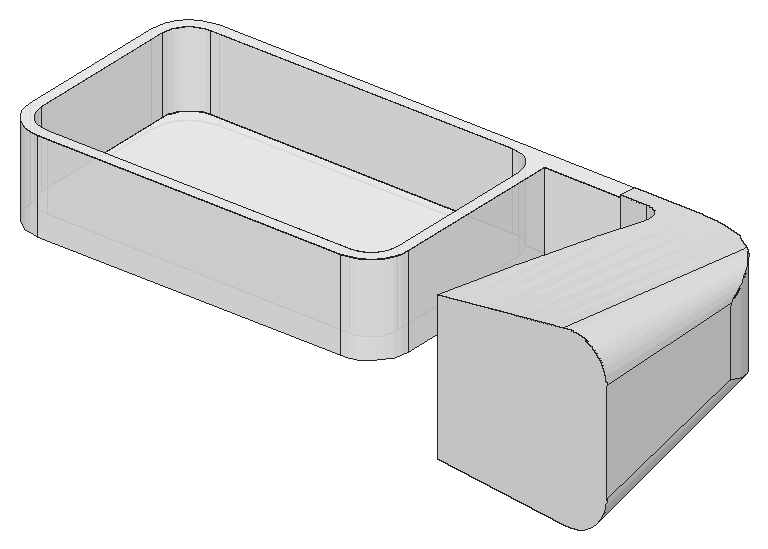
Revit family "CA6045551_Jabonera", category Furniture, host Wall, Revit 2019
Family settings
  Host = Wall
  OmniClass Number = 23.31.25.29.11
  OmniClass Title = Hand Soap Holders
  Always vertical = Yes
  Cut with Voids When Loaded = No
  Shared = No
  Room Calculation Point = No
Parameters (values of type "Type 1")
  URL = "https://corona.co/productos/accesorios/kit-por-6-accesorios-cascade/p/CA6065551"
  Temperatura de uso = "4˚C a 40˚C."  # constant formula
  Referencia = "CA6045551"  # constant formula
  Profundidad = 71 mm  # constant formula
  Peso neto = "470 g. - 1,04 lb."  # constant formula
  Peso Neto aprox = " 9 Kg"  # constant formula
  Material = Corona_Cromado
  Manufacturer = "Corona"  # constant formula
  Garantía Acabados = "5 Años"  # constant formula
  Garantía = "30 Años"  # constant formula
  Fecha de creación = "10/08/2020"  # constant formula
  Dimensiónes generales producto empacado Kit x6 = "(H x L x W): 441 x 160 x 79 mm."  # constant formula
  Description = "La línea de griferías y accesorios plásticos Cascade se inspira en la fluidez natural\r\ndel agua y en las formas creadas a su paso en caídas y cascadas, los gestos de\r\ndiseño y formas de Cascade invitan al usuario al uso, sus líneas fluidas crean un\r\nsolo viaje alrededor del producto generando formas limpias."  # constant formula
  Creado por = "IDD"  # constant formula
  Ancho = 169 mm  # constant formula
  Altura = 900 mm
  Alto = 47 mm  # constant formula
Reference planes
  plane 1 "Wall": y = 0
  plane 2 "Center (Left/Right)": x = 125
  plane 3 "Back": y = 75
  plane 4: z = 900
  plane 5: x = 209.5
  plane 6: x = 40.5
  plane 7: z = 923.5
  plane 8: z = 876.5
  plane 9: y = 146
Text (mm)
  text "Placement Side" at (-1848.837, 1116.779, 0), in view "Ref. Level"
  text "Placement side" at (0, 1409.804, 2854.306), in view "Left"
  text "Placement side" at (0, 499.811, 2980.732), in view "Right"
Dimensions and locks
  locked: plane 3 "Back" to host wall
  equal spacing: plane 8, plane 4, plane 7
  "Alto": plane 8 to plane 7
  equal spacing: plane 6, plane 2 "Center (Left/Right)", plane 5
  "Ancho": plane 6 to plane 5
  "Profundidad": plane 9 to host wall
  plane 4 to plane 8 = 23.5 mm
  "Altura": plane 4 to level
  aligned and locked: plane 1 "Wall" to host wall
  aligned and locked: nested 1 to plane 7
  aligned and locked: host wall to nested 2
  aligned and locked: plane 7 to nested 2
  aligned and locked: nested 2 to plane 6
  aligned and locked: nested 3 to plane 5
  aligned and locked: plane 7 to nested 3
  aligned and locked: nested 4 to plane 5
  aligned and locked: nested 4 to host wall
Nested families
  nested 1: "Lateral" at (125, 75, 876.5) x (0, -1, 0) z (1, 0, 0), type "Lateral"
  nested 2: "Jabonera" at (209.5, 110.5, 876.5) x (-1, 0, 0) z (0, 0, 1), type "Jabonera"
  nested 3: "Frontal" at (209.5, 0, 923.5) x (-1, 0, 0) z (0, -1, 0), type "Frontal"
  nested 4: "Planta" at (209.5, 75, 0) x (-1, 0, 0) z (0, 0, 1), type "Planta"
Definition of nested family "Jabonera"
  Parameters (values of type "Jabonera")
    Profundidad = 71 mm
    Material = none
    Ancho = 169 mm
    Alto = 47 mm
  Reference planes
    plane 1 "Center (Front/Back)": y = 0
    plane 2: z = 0
    plane 3 "Center (Left/Right)": x = 0
    plane 4: x = 169
    plane 5: y = 35.5
    plane 6: y = -35.5
    plane 7: z = 47
    plane 8: x = 49.293
  Forms (mm)
    Blend 1, solid, material <- "Material", detail levels medium+fine
      base sketch origin (-84.781, 35.5, 1200) x (-1, 0, 0) y (0, 0, 1)
        loop
          line (-129.409, -1157.177) -> (-129.409, -1195.823) -> (-96, -1199.925)
          arc (-96, -1199.925) -> (-88.155, -1197.49) -> (-84.781, -1190) r 10
          line (-84.781, -1190) -> (-84.781, -1163)
          arc (-84.781, -1163) -> (-88.155, -1155.51) -> (-96, -1153.075) r 10
          line (-96, -1153.075) -> (-129.409, -1157.177)
      top sketch origin (-84.781, 35.5, 1200) x (-1, 0, 0) y (0, 0, 1)
        loop
          line (-134.074, -1164.5) -> (-134.074, -1188.5) -> (-99.095, -1188.5)
          arc (-99.095, -1188.5) -> (-95.56, -1187.036) -> (-94.095, -1183.5) r 5
          line (-94.095, -1183.5) -> (-94.095, -1169.5)
          arc (-94.095, -1169.5) -> (-95.56, -1165.964) -> (-99.095, -1164.5) r 5
          line (-99.095, -1164.5) -> (-134.074, -1164.5)
      from 0 to -71
    Extrusion 2, void
      sketch origin (0, 0, 0) x (1, 0, 0) y (0, 1, 0)
        loop
          line (9.314, -35.5) -> (31.249, -35.5)
          arc (31.249, -35.5) -> (14.761, -29.292) -> (6.461, -13.752) r 25
          line (6.461, -13.752) -> (9.314, -35.5)
      from 0 to 56.335
    Extrusion 3, void
      sketch origin (0, 0, 0) x (1, 0, 0) y (0, 1, 0)
        loop
          line (49.675, -30.5) -> (44.629, 35.5) -> (37.365, -24.903)
          arc (37.365, -24.903) -> (38.589, -28.818) -> (42.329, -30.5) r 5
          line (42.329, -30.5) -> (49.675, -30.5)
      from 0 to 56.335
    Extrusion 4, solid, material <- "Material", detail levels coarse
      sketch origin (0, 0, 0) x (1, 0, 0) y (0, 0, 1)
        loop
          line (169, 0) -> (169, 47) -> (0, 47) -> (0, 0) -> (169, 0)
      from -35.5 to 35.5
    Extrusion 5, solid, detail levels medium+fine
      sketch origin (0, 0, 0) x (1, 0, 0) y (0, 1, 0)
        loop
          line (49.293, -35.5) -> (159, -35.5)
          arc (159, -35.5) -> (166.071, -32.571) -> (169, -25.5) r 10
          line (169, -25.5) -> (169, 14.5)
          arc (169, 14.5) -> (166.071, 21.571) -> (159, 24.5) r 10
          line (159, 24.5) -> (79, 24.5)
          arc (79, 24.5) -> (71.929, 21.571) -> (69, 14.5) r 10
          line (69, 14.5) -> (69, -30.5) -> (48.965, -30.5) -> (49.293, -35.5)
      from 11.5 to 35.5
    Extrusion 6, void
      sketch origin (0, 0, 11.5) x (1, 0, 0) y (0, 1, 0)
        loop
          line (159, 21.5) -> (79, 21.5)
          arc (79, 21.5) -> (74.05, 19.45) -> (72, 14.5) r 7
          line (72, 14.5) -> (72, -25.5)
          arc (72, -25.5) -> (74.05, -30.45) -> (79, -32.5) r 7
          line (79, -32.5) -> (159, -32.5)
          arc (159, -32.5) -> (163.95, -30.45) -> (166, -25.5) r 7
          line (166, -25.5) -> (166, 14.5)
          arc (166, 14.5) -> (163.95, 19.45) -> (159, 21.5) r 7
      from 4 to 24
  Cuts and joins
    Extrusion 2, Extrusion 3 cuts Blend 1
    Extrusion 6 cuts Extrusion 4
    Extrusion 6 cuts Extrusion 5
  Dimensions and locks
    equal spacing: plane 5, plane 1 "Center (Front/Back)", plane 6
    "Profundidad": plane 5 to plane 6
    "Ancho": plane 3 "Center (Left/Right)" to plane 4
    "Alto": plane 7 to level
    aligned and locked: level to plane 2
    aligned and locked: plane 5 to Blend 1
    aligned and locked: Blend 1 to plane 6
    aligned and locked: level to Extrusion 4 sketch curve
    aligned and locked: plane 4 to Extrusion 4 sketch curve
    aligned and locked: Extrusion 4 sketch curve to plane 7
    aligned and locked: plane 3 "Center (Left/Right)" to Extrusion 4 sketch curve
    aligned and locked: plane 5 to Extrusion 4
    aligned and locked: Extrusion 4 to plane 6
  Automatic sketch dimensions
    Blend 1 sketch curve to plane 3 "Center (Left/Right)" = 0 mm
    Blend 1 sketch curve to Blend 1 sketch curve = 10 mm  (x2)
    level to Blend 1 sketch curve = 0.075 mm
    Blend 1 sketch curve to Blend 1 sketch curve = 1.219 mm  (x2)
    Blend 1 sketch curve to plane 7 = 0.075 mm
    Blend 1 sketch curve to plane 8 = 0 mm
    plane 3 "Center (Left/Right)" to Blend 1 sketch curve = 14.314 mm  (x2)
    Blend 1 sketch curve to Blend 1 sketch curve = 5 mm
    level to Blend 1 sketch curve = 11.5 mm
    Blend 1 sketch curve to Blend 1 sketch curve = 14 mm
    plane 3 "Center (Left/Right)" to Extrusion 2 sketch curve = 6.461 mm
    plane 1 "Center (Front/Back)" to Extrusion 2 sketch curve = 10.5 mm
    Extrusion 2 sketch curve to Extrusion 2 sketch curve = 24.788 mm
    plane 3 "Center (Left/Right)" to Extrusion 2 sketch curve = 9.314 mm
    Extrusion 2 sketch curve to plane 6 = 0 mm
    Blend 1 sketch curve to plane 7 = 4.177 mm
    Blend 1 sketch curve to plane 8 = 4.665 mm
    level to Blend 1 sketch curve = 4.177 mm
    Extrusion 3 sketch curve to plane 5 = 0 mm
    Extrusion 3 sketch curve to plane 8 = 11.928 mm
    Extrusion 3 sketch curve to plane 8 = 6.964 mm
    Extrusion 3 sketch curve to plane 8 = 4.665 mm
    plane 8 to Extrusion 3 sketch curve = 0.382 mm
    plane 6 to Extrusion 3 sketch curve = 10.597 mm
    Extrusion 3 sketch curve to Extrusion 3 sketch curve = 0.597 mm
    Extrusion 5 sketch curve to plane 6 = 0 mm
    Extrusion 5 sketch curve to plane 8 = 0 mm
    Extrusion 5 sketch curve to plane 4 = 0 mm
    Extrusion 5 sketch curve to plane 8 = 0.328 mm
    plane 6 to Extrusion 5 sketch curve = 5 mm
    plane 8 to Extrusion 5 sketch curve = 19.707 mm
    Extrusion 5 sketch curve to Extrusion 5 sketch curve = 10 mm  (x2)
    plane 4 to Extrusion 5 sketch curve = 10 mm
    Extrusion 5 sketch curve to plane 1 "Center (Front/Back)" = 14.5 mm
    Extrusion 6 sketch curve to Extrusion 5 = 5 mm
    Extrusion 6 sketch curve to Extrusion 6 sketch curve = 7 mm
    radius of Extrusion 6 sketch curve to Extrusion 5 = 3 mm  (x2)
Definition of nested family "Lateral"
  Reference planes
    plane 1 "Center (Front/Back)": y = 0
    plane 2: z = 0
    plane 3 "Center (Left/Right)": x = 0
    plane 4: y = 47
    plane 5: x = -71
  Lines and regions (mm)
    detail lines, in view "Ref. Level"
      curve 1: line (0, 47, 0) -> (-71, 34.481, 0)
      curve 2: line (0, 47, 0) -> (0, 0, 0)
      curve 3: line (0, 0, 0) -> (-71, 12.519, 0)
      curve 4: line (-71, 12.519, 0) -> (-71, 34.481, 0)
      curve 5: line (-71, 34.481, 0) -> (-13, 34.481, 0)
      curve 6: line (-71, 12.519, 0) -> (-13, 12.519, 0)
      curve 7: line (-11, 14.519, 0) -> (-11, 32.481, 0)
      curve 8: arc (-13, 12.519, 0) -> (-11.586, 13.105, 0) -> (-11, 14.519, 0) r 2
      curve 9: arc (-13, 34.481, 0) -> (-11.586, 33.895, 0) -> (-11, 32.481, 0) r 2
Definition of nested family "Frontal"
  Reference planes
    plane 1 "Center (Front/Back)": y = 0
    plane 2: z = 0
    plane 3 "Center (Left/Right)": x = 0
    plane 4: x = 169
    plane 5: y = 47
  Lines and regions (mm)
    detail lines, in view "Ref. Level"
      curve 1: line (32.985, 2.624, 0) -> (10.92, 0.586, 0)
      curve 2: line (0, 36.457, 0) -> (0, 10.543, 0)
      curve 3: arc (10.92, 0.586, 0) -> (3.262, 3.154, 0) -> (0, 10.543, 0) r 10
      curve 4: arc (43.647, 12.212, 0) -> (39.906, 5.65, 0) -> (32.985, 2.624, 0) r 12
      curve 5: line (32.985, 44.376, 0) -> (10.92, 46.414, 0)
      curve 6: arc (10.92, 46.414, 0) -> (3.262, 43.846, 0) -> (0, 36.457, 0) r 10
      curve 7: arc (43.647, 34.788, 0) -> (39.906, 41.35, 0) -> (32.985, 44.376, 0) r 12
      curve 8: line (33.538, 34.788, 0) -> (165, 34.788, 0)
      curve 9: line (33.538, 12.212, 0) -> (165, 12.212, 0)
      curve 10: line (169, 16.212, 0) -> (169, 30.788, 0)
      curve 11: arc (165, 34.788, 0) -> (167.828, 33.616, 0) -> (169, 30.788, 0) r 4
      curve 12: arc (165, 12.212, 0) -> (167.828, 13.384, 0) -> (169, 16.212, 0) r 4
      curve 13: line (48.087, 34.788, 0) -> (48.087, 12.212, 0)
  Dimensions and locks
    aligned and locked: plane 4 to curve 10
Definition of nested family "Planta"
  Reference planes
    plane 1 "Center (Front/Back)": y = 0
    plane 2: z = 0
    plane 3 "Center (Left/Right)": x = 0
    plane 4: x = 169
    plane 5: y = 71
  Lines and regions (mm)
    detail lines, in view "Ref. Level"
      curve 1: line (29.301, 71, 0) -> (159, 71, 0)
      curve 2: line (45.303, 65, 0) -> (69, 65, 0)
      curve 3: line (48.087, 71, 0) -> (48.087, 65, 0)
      curve 4: line (0, 0, 0) -> (9.605, 54.473, 0)
      curve 5: line (0, 0, 0) -> (51.709, 0, 0)
      curve 6: line (51.709, 0, 0) -> (39.434, 57.753, 0)
      curve 7: arc (9.605, 54.473, 0) -> (16.445, 66.321, 0) -> (29.301, 71, 0) r 20
      curve 8: arc (39.434, 57.753, 0) -> (40.64, 62.776, 0) -> (45.303, 65, 0) r 6
      curve 9: line (169, 61, 0) -> (169, 21, 0)
      curve 10: line (159, 11, 0) -> (79, 11, 0)
      curve 11: line (69, 21, 0) -> (69, 65, 0)
      curve 12: arc (79, 11, 0) -> (71.929, 13.929, 0) -> (69, 21, 0) r 10
      curve 13: arc (159, 11, 0) -> (166.071, 13.929, 0) -> (169, 21, 0) r 10
      curve 14: arc (159, 71, 0) -> (166.071, 68.071, 0) -> (169, 61, 0) r 10
      curve 15: line (72, 21, 0) -> (72, 61, 0)
      curve 16: arc (79, 14, 0) -> (74.05, 16.05, 0) -> (72, 21, 0) r 7
      curve 17: line (159, 14, 0) -> (79, 14, 0)
      curve 18: arc (159, 14, 0) -> (163.95, 16.05, 0) -> (166, 21, 0) r 7
      curve 19: line (166, 61, 0) -> (166, 21, 0)
      curve 20: arc (159, 68, 0) -> (163.95, 65.95, 0) -> (166, 61, 0) r 7
      curve 21: line (79, 68, 0) -> (159, 68, 0)
      curve 22: arc (72, 61, 0) -> (74.05, 65.95, 0) -> (79, 68, 0) r 7
